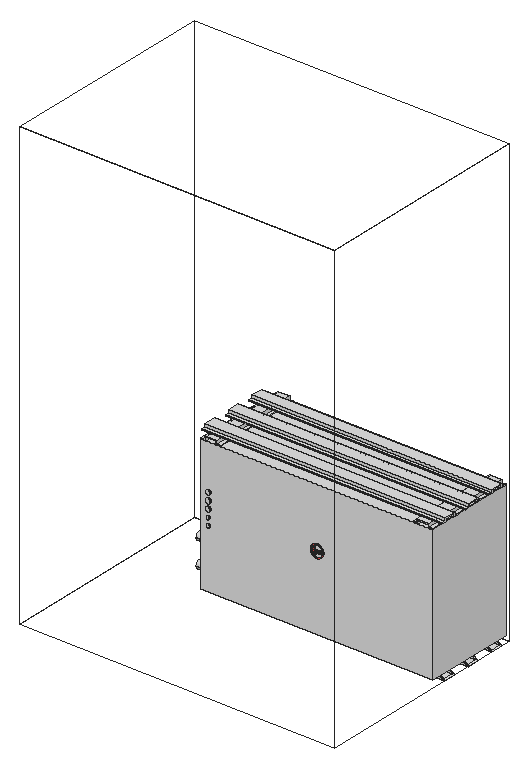
Revit family "HeatPump_WaterToWater_Rheem_32kW_LowGWP", category Mechanical Equipment, Revit 2021
Family settings
  Round Connector Dimension = Use Diameter
  Classification = None
  Part Type = Normal
  OmniClass Number = 23.33.17.00
  OmniClass Title = Heat Pumps
  Work Plane-Based = No
  Always vertical = Yes
  Cut with Voids When Loaded = No
  Shared = No
  Room Calculation Point = No
Parameters (values of type "95503200")
  Voltage = 230 V
  Uniclass2015Version = "v1.33"
  Uniclass2015Title = "Water to water heat pumps"
  Uniclass2015Code = "Pr_70_60_37_98"
  URL = "https://www.rheem.com.au/rheem/"
  Type Comments = "HeatPump - WaterToWater - 32kW - LowGWP"
  RequiredSpace [instance] = yes
  PowerFactor = 1
  ModifiedIssue = 20240801
  Model = "95503200"
  ManufacturerURLProductSpecific = "https://www.rheem.com.au/rheem/products/Commercial/Commercial-Heat-Pumps/Rheem-Commercial-Water-To-Water-Heat-Pumps/YF-Series-Water-to-Water-%28W2W%29-32kW-Commercial-Heat-Pump/p/95503200"
  ManufacturerSpecCode = Model  # "95503200"
  ManufacturerOverallWidth = 1600 mm  # constant formula
  ManufacturerOverallHeight = 972 mm  # constant formula
  ManufacturerOverallDepth = 605 mm  # constant formula
  ManufacturerHeightFromFFL [instance] = 0 mm
  Manufacturer = "Rheem"  # constant formula
  IfcExportType = "USERDEFINED"
  IfcExportAs = "IfcPump"
  Description = "Rheem’s YF Series Commercial heat pump uses 1234yf refrigerant which has an ultra-low Global Warming Potential (GWP) of <1. Delivering hot water up to 65°C and designed to operate in condenser loop systems with a shell and tube heat exchanger to resist fouling whilst producing a Coefficient of Performance (COP) of up to 7 in condenser loops operating at 35°C. All models are designed to be stacked to save space and available with double wall brazed plate stainless steel heat exchangers or  vented copper tube in tube heat exchangers better suited to challenging water chemistries."
  Default Elevation = 0 mm
  CreatedByURL = "https://igsgroup.com.au"
  CreatedBy = "IGS BIM Solutions"  # constant formula
  BodyMaterial = Aluminium_PowderCoat_Rheem_White
  Assembly Code = "D3020"
  ApparentLoad = 32 VA
Reference planes
  plane 1 "Center (Front/Back)": y = -50
  plane 2 "Ref. Level": z = 0
  plane 3 "Center (Left/Right)": x = -265
  plane 4 "Back": y = 252.5
  plane 5 "Front": y = -352.5
  plane 6 "BodyRight": x = 509
  plane 7 "BodyLeft": x = -1038
  plane 8 "TopFrame": z = 972
  plane 9 "PlinthTop": z = 25
  plane 10 "BodyTop": z = 924
  plane 11 "RequiredSpaceLeft": x = -1565
  plane 12 "RequiredSpaceTop": z = 2972
  plane 13 "RequiredSpaceFront": y = -1202.5
  plane 14 "Left": x = -1065
  plane 15 "Bottom": z = 0
  plane 16 "Right": x = 535
  plane 17 "Top": z = 972
  plane 18 "Center (Elevation)": z = 486
  plane 19 "LogoCentre": z = 524
Forms (mm)
  Extrusion 1, solid, material "Aluminium_PowderCoat_Rheem_White" <- "BodyMaterial"
    sketch origin (0, 0, 476) x (0, -1, 0) y (1, 0, 0)
      loop
        line (-252.5, -1038) -> (352.5, -1038) -> (352.5, 509) -> (-252.5, 509) -> (-252.5, -1038)
    from -451 to 448
  Extrusion 2, solid, material "RequiredSpace", visible <- "RequiredSpace"
    sketch origin (0, 0, 0) x (0, -1, 0) y (-1, 0, 0)
      loop
        line (-252.5, 1565) -> (-252.5, -535) -> (1202.5, -535) -> (1202.5, 1565) -> (-252.5, 1565)
    from 0 to -2972
  Extrusion 3, solid, material "Aluminium_PowderCoat_Rheem_White", detail levels medium+fine
    sketch origin (-1038, 0, 0) x (0, 1, 0) y (0, 0, 1)
      loop
        circle (187.5, 148) r 25
      loop
        circle (187.5, 548) r 25
      loop
        circle (-287.5, 124) r 25
      loop
        circle (-287.5, 294) r 25
    from -64 to 0
  Extrusion 4, solid, material "Aluminium_PowderCoat_Rheem_White"
    sketch origin (-1038, -334, 0) x (0, 1, 0) y (0, 0, 1)
      loop
        circle (255.5, 35) r 10
    from -50 to 0
  Extrusion 5, solid, material "Aluminium_PowderCoat_Rheem_White" <- "BodyMaterial"
    sketch origin (0, -50, 984) x (1, 0, 0) y (0, 0, 1)
      loop
        line (-1038, -60) -> (-1008, -60) -> (-1008, -40) -> (-937.981, -40) -> (-937.981, -60) -> (-907.895, -60) -> (-907.895, -55) -> (-932.895, -55) -> (-932.895, -35) -> (-1013, -35) -> (-1013, -55) -> (-1038, -55) -> (-1038, -60)
      loop
        line (508, -60) -> (508, -55) -> (483, -55) -> (483, -35) -> (402.895, -35) -> (402.895, -55) -> (377.895, -55) -> (377.895, -60) -> (407.981, -60) -> (407.981, -40) -> (478, -40) -> (478, -60) -> (508, -60)
    from -302.5 to 302.5
  Extrusion 6, solid, material "Aluminium_PowderCoat_Rheem_White", detail levels medium+fine
    sketch origin (0, -352.5, 0) x (1, 0, 0) y (0, 0, 1)
      loop
        circle (-987, 572.5) r 15
      loop
        circle (-987, 622.5) r 15
      loop
        circle (-987, 522.5) r 15
      loop
        circle (-987, 472.5) r 10
      loop
        circle (-987, 422.5) r 10
    from 0 to 5
  Extrusion 7, solid, material "Aluminium_PowderCoat_Rheem_White" <- "BodyMaterial"
    sketch origin (-265, -32, 843) x (0, 1, 0) y (0, 0, 1)
      loop
        line (243.5, 106) -> (243.5, 111) -> (218.5, 111) -> (218.5, 129) -> (138.395, 129) -> (138.395, 111) -> (113.395, 111) -> (113.395, 106) -> (143.481, 106) -> (143.481, 124) -> (213.5, 124) -> (213.5, 106) -> (243.5, 106)
      loop
        line (-279.5, 106) -> (-249.5, 106) -> (-249.5, 124) -> (-179.481, 124) -> (-179.481, 106) -> (-149.395, 106) -> (-149.395, 111) -> (-174.395, 111) -> (-174.395, 129) -> (-254.5, 129) -> (-254.5, 111) -> (-279.5, 111) -> (-279.5, 106)
      loop
        line (47.052, 106) -> (47.052, 111) -> (22.052, 111) -> (22.052, 129) -> (-58.052, 129) -> (-58.052, 111) -> (-83.052, 111) -> (-83.052, 106) -> (-52.967, 106) -> (-52.967, 124) -> (17.052, 124) -> (17.052, 106) -> (47.052, 106)
    from -800 to 800
  Extrusion 8, void
    sketch origin (0, -50, 0) x (1, 0, 0) y (0, 0, 1)
      loop
        line (-1065, 25) -> (-1065, 0) -> (-1021.699, 25) -> (-1065, 25)
      loop
        line (535, 25) -> (491.699, 25) -> (535, 0) -> (535, 25)
    from 261.5 to -261.5
  Extrusion 9, solid, material "Aluminium_PowderCoat_Rheem_White" <- "BodyMaterial"
    sketch origin (-265, 0, 0) x (0, 1, 0) y (0, 0, 1)
      loop
        line (-181.395, 20) -> (-181.395, 25) -> (-211.395, 25) -> (-211.395, 5) -> (-281.5, 5) -> (-281.5, 25) -> (-311.5, 25) -> (-311.5, 20) -> (-286.5, 20) -> (-286.5, 0) -> (-206.395, 0) -> (-206.395, 20) -> (-181.395, 20)
      loop
        line (211.5, 20) -> (211.5, 25) -> (181.5, 25) -> (181.5, 5) -> (111.395, 5) -> (111.395, 25) -> (81.395, 25) -> (81.395, 20) -> (106.395, 20) -> (106.395, 0) -> (186.5, 0) -> (186.5, 20) -> (211.5, 20)
      loop
        line (15.052, 20) -> (15.052, 25) -> (-14.948, 25) -> (-14.948, 5) -> (-85.052, 5) -> (-85.052, 25) -> (-115.052, 25) -> (-115.052, 20) -> (-90.052, 20) -> (-90.052, 0) -> (-9.948, 0) -> (-9.948, 20) -> (15.052, 20)
    from -800 to 800
Cuts and joins
  Extrusion 8 cuts Extrusion 9
Lines and regions (mm)
  Masking region 1
    outline origin (0, 0, 1484) x (0, -1, 0) y (1, 0, 0)
      loop
        line (-252.5, -1038) -> (-211.5, -1038) -> (-211.5, -1065) -> (-81.395, -1065) -> (-81.395, -1038) -> (-15.052, -1038) -> (-15.052, -1065) -> (115.052, -1065) -> (115.052, -1038) -> (181.395, -1038) -> (181.395, -1065) -> (311.5, -1065) -> (311.5, -1038) -> (352.5, -1038) -> (352.5, 508) -> (311.5, 508) -> (311.5, 535) -> (181.395, 535) -> (181.395, 508) -> (115.052, 508) -> (115.052, 535) -> (-15.052, 535) -> (-15.052, 508) -> (-81.395, 508) -> (-81.395, 535) -> (-211.5, 535) -> (-211.5, 508) -> (-252.5, 508) -> (-252.5, -1038)
  symbolic lines, style "Required Space", visible <- "RequiredSpace"
    curve 1: line (-1565, 252.5, 900) -> (535, 252.5, 900)
    curve 2: line (-1565, -1202.5, 900) -> (-1565, 252.5, 900)
    curve 3: line (535, -1202.5, 900) -> (-1565, -1202.5, 900)
    curve 4: line (535, 252.5, 900) -> (535, -1202.5, 900)
  symbolic lines, style "Plant Equipment", detail levels medium+fine
    curve 5: line (-1038, 211.5, 924) -> (509, 211.5, 924)
    curve 6: line (509, 81.395, 924) -> (-1038, 81.395, 924)
    curve 7: line (-1038, -181.395, 924) -> (509, -181.395, 924)
    curve 8: line (509, -311.5, 924) -> (-1038, -311.5, 924)
    curve 9: line (-907.895, 252.5, 924) -> (-907.895, 211.5, 924)
    curve 10: line (-907.895, -352.5, 924) -> (-907.895, -311.5, 924)
    curve 11: line (-907.895, -181.395, 924) -> (-907.895, -115.052, 924)
    curve 12: line (377.895, 252.5, 924) -> (377.895, 211.5, 924)
    curve 13: line (377.895, 81.395, 924) -> (377.895, 15.052, 924)
    curve 14: line (377.895, -311.5, 924) -> (377.895, -352.5, 924)
    curve 15: line (-1038, 15.052, 924) -> (509, 15.052, 924)
    curve 16: line (509, -115.052, 924) -> (-1038, -115.052, 924)
    curve 17: line (-907.895, 15.052, 924) -> (-907.895, 81.395, 924)
    curve 18: line (377.895, -115.052, 924) -> (377.895, -181.395, 924)
  model lines, style "Plant Equipment", detail levels medium+fine
    curve 19: line (-938, -352.5, 644) -> (409, -352.5, 644)
    curve 20: line (409, -352.5, 644) -> (409, -352.5, 904)
    curve 21: line (409, -352.5, 904) -> (-938, -352.5, 904)
    curve 22: line (-938, -352.5, 904) -> (-938, -352.5, 644)
    curve 23: line (409, -352.5, 634) -> (-938, -352.5, 634)
    curve 24: line (-938, -352.5, 634) -> (-938, -352.5, 26)
    curve 25: line (-938, -352.5, 26) -> (409, -352.5, 26)
    curve 26: line (409, -352.5, 26) -> (409, -352.5, 634)
Text (mm)
  text "Disclaimer:\nDue to ongoing product development and manufacturing \nevolution, product details are subject to change without \nnotice. Please refer to product technical data sheets on \nthe manufacturers website for the most current product \ninformation. Please allow a +/- 5mm manufacturing \ntolerance for dimensions and set-outs shown in product \nliterature." at (985.527, 159.228, 0), in view "Ref. Level"
Dimensions and locks
  "ManufacturerHeightFromFFL": plane 15 "Bottom" to plane 2 "Ref. Level"
  locked: plane 12 "RequiredSpaceTop" to plane 17 "Top" at 2000
  locked: plane 13 "RequiredSpaceFront" to plane 5 "Front" at 850
  locked: plane 11 "RequiredSpaceLeft" to plane 14 "Left" at 500
  "ManufacturerOverallDepth": plane 5 "Front" to plane 4 "Back"
  equal spacing: plane 5 "Front", plane 1 "Center (Front/Back)", plane 4 "Back"
  "ManufacturerOverallWidth": plane 14 "Left" to plane 16 "Right"
  locked: plane 8 "TopFrame" to plane 10 "BodyTop" at 48
  locked: plane 9 "PlinthTop" to plane 15 "Bottom" at 25
  "ManufacturerOverallHeight": plane 17 "Top" to plane 15 "Bottom"
  equal spacing: plane 17 "Top", plane 18 "Center (Elevation)", plane 15 "Bottom"
  locked: plane 10 "BodyTop" to plane 19 "LogoCentre" at 400
  equal spacing: plane 14 "Left", plane 3 "Center (Left/Right)", plane 16 "Right"
  aligned and locked: level to plane 2 "Ref. Level"
  aligned and locked: plane 9 "PlinthTop" to Extrusion 1
  aligned and locked: Extrusion 1 to plane 10 "BodyTop"
  aligned and locked: Extrusion 2 to plane 12 "RequiredSpaceTop"
  aligned and locked: plane 13 "RequiredSpaceFront" to curve 3
  aligned and locked: plane 13 "RequiredSpaceFront" to Extrusion 2 sketch curve
  aligned and locked: Extrusion 2 to plane 4 "Back"
  aligned and locked: Extrusion 1 to plane 7 "BodyLeft"
  aligned and locked: Extrusion 5 to plane 5 "Front"
  aligned and locked: Extrusion 1 to plane 4 "Back"
  aligned and locked: plane 5 "Front" to Extrusion 1
  aligned and locked: Extrusion 5 to plane 4 "Back"
  aligned and locked: Extrusion 2 to plane 16 "Right"
  aligned and locked: curve 4 to Extrusion 2
  aligned and locked: plane 15 "Bottom" to Extrusion 2
  aligned and locked: plane 19 "LogoCentre" to nested 1
  aligned and locked: plane 3 "Center (Left/Right)" to nested 1
  aligned and locked: plane 14 "Left" to Extrusion 7
  aligned and locked: Extrusion 2 to Extrusion 7
  aligned and locked: plane 8 "TopFrame" to plane 17 "Top"
  aligned and locked: plane 15 "Bottom" to Extrusion 9 sketch curve  (x3)
  aligned and locked: plane 9 "PlinthTop" to Extrusion 8 sketch curve
  aligned and locked: plane 15 "Bottom" to Extrusion 8 sketch curve  (x2)
  aligned and locked: Extrusion 8 sketch curve to plane 9 "PlinthTop"
Automatic sketch dimensions
  plane 4 "Back" to Extrusion 1 sketch curve = 0 mm
  Extrusion 1 sketch curve to plane 5 "Front" = 0 mm
  Extrusion 1 sketch curve to plane 7 "BodyLeft" = 0 mm
  Extrusion 1 sketch curve to plane 6 "BodyRight" = 0 mm
  plane 4 "Back" to Extrusion 2 sketch curve = 0 mm
  Extrusion 2 sketch curve to plane 11 "RequiredSpaceLeft" = 0 mm
  Extrusion 2 sketch curve to plane 16 "Right" = 0 mm
  plane 4 "Back" to curve 1 = 0 mm
  curve 3 to plane 11 "RequiredSpaceLeft" = 0 mm
  Extrusion 3 sketch curve to plane 5 "Front" = 65 mm  (x2)
  Extrusion 3 sketch curve to plane 19 "LogoCentre" = 24 mm
  plane 4 "Back" to Extrusion 3 sketch curve = 65 mm  (x2)
  plane 18 "Center (Elevation)" to Extrusion 3 sketch curve = 192 mm
  Extrusion 3 sketch curve to plane 9 "PlinthTop" = 123 mm
  Extrusion 3 sketch curve to plane 9 "PlinthTop" = 99 mm
  Extrusion 4 sketch curve to plane 9 "PlinthTop" = 10 mm
  plane 1 "Center (Front/Back)" to Extrusion 4 sketch curve = 28.5 mm
  Extrusion 5 sketch curve to plane 7 "BodyLeft" = 0 mm
  Extrusion 5 sketch curve to plane 10 "BodyTop" = 0 mm  (x4)
  plane 7 "BodyLeft" to Extrusion 5 sketch curve = 25 mm
  Extrusion 5 sketch curve to Extrusion 5 sketch curve = 5 mm  (x5)
  Extrusion 5 sketch curve to plane 10 "BodyTop" = 20 mm
  Extrusion 5 sketch curve to Extrusion 5 sketch curve = 70.019 mm
  Extrusion 5 sketch curve to Extrusion 5 sketch curve = 5.086 mm  (x2)
  Extrusion 5 sketch curve to Extrusion 5 sketch curve = 25 mm  (x2)
  Extrusion 5 sketch curve to plane 10 "BodyTop" = 5 mm  (x3)
  Extrusion 5 sketch curve to plane 6 "BodyRight" = 131.105 mm
  Extrusion 5 sketch curve to plane 6 "BodyRight" = 31 mm
  Extrusion 5 sketch curve to plane 6 "BodyRight" = 1 mm
  Extrusion 5 sketch curve to Extrusion 5 sketch curve = 15 mm
  plane 7 "BodyLeft" to Extrusion 6 sketch curve = 51 mm  (x2)
  plane 19 "LogoCentre" to Extrusion 6 sketch curve = 1.5 mm
  plane 18 "Center (Elevation)" to Extrusion 6 sketch curve = 13.5 mm
  Extrusion 6 sketch curve to Extrusion 6 sketch curve = 0 mm  (x3)
  Extrusion 6 sketch curve to Extrusion 6 sketch curve = 50 mm  (x2)
  Extrusion 6 sketch curve to plane 19 "LogoCentre" = 48.5 mm
  plane 8 "TopFrame" to Extrusion 7 sketch curve = 0 mm  (x3)
  Extrusion 7 sketch curve to plane 5 "Front" = 41 mm
  Extrusion 7 sketch curve to Extrusion 7 sketch curve = 25 mm  (x6)
  Extrusion 7 sketch curve to Extrusion 7 sketch curve = 5 mm  (x9)
  plane 8 "TopFrame" to Extrusion 7 sketch curve = 23 mm  (x5)
  Extrusion 7 sketch curve to Extrusion 7 sketch curve = 70.019 mm  (x2)
  Extrusion 7 sketch curve to Extrusion 7 sketch curve = 5.086 mm  (x3)
  plane 1 "Center (Front/Back)" to Extrusion 7 sketch curve = 65.052 mm
  plane 8 "TopFrame" to Extrusion 7 sketch curve = 5 mm  (x3)
  Extrusion 7 sketch curve to plane 1 "Center (Front/Back)" = 35.052 mm
  plane 8 "TopFrame" to Extrusion 7 sketch curve = 18 mm
  Extrusion 7 sketch curve to Extrusion 7 sketch curve = 66.343 mm
  plane 4 "Back" to Masking region 1 sketch curve = 0 mm
  Masking region 1 sketch curve to plane 7 "BodyLeft" = 0 mm  (x4)
  Masking region 1 sketch curve to plane 14 "Left" = 0 mm  (x3)
  Masking region 1 sketch curve to plane 16 "Right" = 0 mm  (x3)
  plane 5 "Front" to Masking region 1 sketch curve = 0 mm
  Masking region 1 sketch curve to plane 6 "BodyRight" = 1 mm  (x4)
  plane 4 "Back" to Masking region 1 sketch curve = 41 mm  (x2)
  Masking region 1 sketch curve to Masking region 1 sketch curve = 130.105 mm  (x2)
  Masking region 1 sketch curve to plane 1 "Center (Front/Back)" = 65.052 mm  (x2)
  plane 1 "Center (Front/Back)" to Masking region 1 sketch curve = 65.052 mm  (x2)
  Masking region 1 sketch curve to Masking region 1 sketch curve = 66.343 mm  (x2)
  Masking region 1 sketch curve to plane 5 "Front" = 41 mm  (x2)
  curve 9 to plane 4 "Back" = 0 mm
  plane 4 "Back" to curve 12 = 0 mm
  curve 5 to plane 6 "BodyRight" = 0 mm
  curve 5 to plane 7 "BodyLeft" = 0 mm
  curve 15 to plane 6 "BodyRight" = 0 mm
  curve 15 to plane 7 "BodyLeft" = 0 mm
  curve 6 to plane 6 "BodyRight" = 0 mm
  curve 6 to plane 7 "BodyLeft" = 0 mm
  curve 16 to plane 7 "BodyLeft" = 0 mm
  curve 16 to plane 6 "BodyRight" = 0 mm
  curve 7 to plane 7 "BodyLeft" = 0 mm
  curve 7 to plane 6 "BodyRight" = 0 mm
  curve 8 to plane 6 "BodyRight" = 0 mm
  curve 8 to plane 7 "BodyLeft" = 0 mm
  plane 5 "Front" to curve 14 = 0 mm
  curve 10 to plane 5 "Front" = 0 mm
  plane 4 "Back" to curve 9 = 41 mm
  curve 6 to curve 15 = 66.343 mm
  plane 1 "Center (Front/Back)" to curve 7 = 131.395 mm
  curve 10 to plane 5 "Front" = 41 mm
  plane 7 "BodyLeft" to curve 17 = 130.105 mm
  plane 7 "BodyLeft" to curve 9 = 130.105 mm
  plane 7 "BodyLeft" to curve 10 = 130.105 mm
  curve 14 to plane 6 "BodyRight" = 131.105 mm
  curve 12 to plane 6 "BodyRight" = 131.105 mm
  curve 13 to curve 12 = 0 mm
  curve 17 to plane 1 "Center (Front/Back)" = 65.052 mm
  plane 1 "Center (Front/Back)" to curve 18 = 65.052 mm
  curve 18 to curve 13 = 0 mm
  curve 11 to curve 17 = 0 mm
  plane 7 "BodyLeft" to curve 22 = 100 mm
  plane 10 "BodyTop" to curve 21 = 20 mm
  curve 21 to plane 6 "BodyRight" = 100 mm
  curve 19 to plane 19 "LogoCentre" = 120 mm
  curve 24 to plane 9 "PlinthTop" = 1 mm
  plane 7 "BodyLeft" to curve 24 = 100 mm
  curve 19 to curve 23 = 0 mm
  curve 23 to curve 19 = 10 mm
  plane 9 "PlinthTop" to Extrusion 9 sketch curve = 0 mm  (x6)
  plane 9 "PlinthTop" to Extrusion 9 sketch curve = 5 mm  (x4)
  Extrusion 9 sketch curve to plane 5 "Front" = 66 mm
  Extrusion 9 sketch curve to Extrusion 9 sketch curve = 5 mm  (x8)
  Extrusion 9 sketch curve to plane 15 "Bottom" = 5 mm  (x3)
  Extrusion 9 sketch curve to Extrusion 9 sketch curve = 70.105 mm  (x2)
  Extrusion 9 sketch curve to Extrusion 9 sketch curve = 25 mm  (x6)
  plane 1 "Center (Front/Back)" to Extrusion 9 sketch curve = 65.052 mm
  Extrusion 9 sketch curve to plane 1 "Center (Front/Back)" = 35.052 mm
  Extrusion 9 sketch curve to Extrusion 9 sketch curve = 66.343 mm
  plane 14 "Left" to Extrusion 8 sketch curve = 0 mm
  Extrusion 8 sketch curve to plane 16 "Right" = 0 mm
  plane 7 "BodyLeft" to Extrusion 8 sketch curve = 16.301 mm
  Extrusion 8 sketch curve to plane 6 "BodyRight" = 17.301 mm
  radius of Extrusion 3 sketch curve = 25 mm  (x4)
  radius of Extrusion 4 sketch curve = 10 mm
  radius of Extrusion 6 sketch curve = 15 mm  (x3)
  radius of Extrusion 6 sketch curve = 10 mm  (x2)
Nested families
  nested 1: "z_Rheem_Logo" at (-265, -352.5, 524) x (1, 0, 0) z (0, -1, 0), type "Type 1"
Connectors
  piping at (-1102, 187.5, 148), diameter 41
    settings: on Extrusion 3, index 1, connector inside diameter 609.6 mm, connector length 0 mm, flow factor 0, pipe flow 0.0 L/s, pressure drop 0.0 Pa, fitting loss kfactor 0, connector angle 0.00°, fixture units 0, engagement length 0 mm, angle of deflection 0.00°, flow configuration 1, flow direction 2, fitting loss method 0, system type 20, joint type 0, gender type 0, connector reference index -1, connector utility 0, adjustable connector no, is connector primary no, connector description "Cold Water Supply"
  piping at (-1088, -78.5, 35), diameter 20
    settings: on Extrusion 4, index 2, connector inside diameter 609.6 mm, connector length 0 mm, flow factor 0, pipe flow 0.0 L/s, pressure drop 0.0 Pa, fitting loss kfactor 0, connector angle 0.00°, fixture units 0, engagement length 0 mm, angle of deflection 0.00°, flow configuration 1, flow direction 2, fitting loss method 0, system type 16, joint type 0, gender type 0, connector reference index -1, connector utility 0, adjustable connector no, is connector primary no, connector description ""
  piping at (-1102, 187.5, 548), diameter 41
    settings: on Extrusion 3, index 3, connector inside diameter 609.6 mm, connector length 0 mm, flow factor 0, pipe flow 0.0 L/s, pressure drop 0.0 Pa, fitting loss kfactor 0, connector angle 0.00°, fixture units 0, engagement length 0 mm, angle of deflection 0.00°, flow configuration 1, flow direction 1, fitting loss method 0, system type 20, joint type 0, gender type 0, connector reference index -1, connector utility 0, adjustable connector no, is connector primary yes, connector description "Cold Water Supply"
  piping at (-1102, -287.5, 294), diameter 41
    settings: on Extrusion 3, index 12, connector inside diameter 609.6 mm, connector length 0 mm, flow factor 0, pipe flow 0.0 L/s, pressure drop 0.0 Pa, fitting loss kfactor 0, connector angle 0.00°, fixture units 0, engagement length 0 mm, angle of deflection 0.00°, flow configuration 1, flow direction 2, fitting loss method 0, system type 19, joint type 0, gender type 0, connector reference index -1, connector utility 0, adjustable connector no, is connector primary no, connector description "Hot Water Supply"
  piping at (-1102, -287.5, 124), diameter 41
    settings: on Extrusion 3, index 13, connector inside diameter 609.6 mm, connector length 0 mm, flow factor 0, pipe flow 0.0 L/s, pressure drop 0.0 Pa, fitting loss kfactor 0, connector angle 0.00°, fixture units 0, engagement length 0 mm, angle of deflection 0.00°, flow configuration 1, flow direction 1, fitting loss method 0, system type 19, joint type 0, gender type 0, connector reference index -1, connector utility 0, adjustable connector no, is connector primary no, connector description "Hot Water Supply"
  electrical at (-987, -357.5, 422.5), driven by "Voltage", driven by "ApparentLoad", driven by "PowerFactor"
    settings: on Extrusion 6, index 14, voltage 230 V, apparent load 32 VA, apparent load phase1 0 VA, apparent load phase2 0 VA, apparent load phase3 0 VA, power factor 1, load classification "Other", number of poles 1, system type 30, power factor state 1, is connector primary yes, connector utility no, sub classification motor no, connector description ""
  electrical at (-987, -357.5, 472.5), driven by "Voltage", driven by "ApparentLoad", driven by "PowerFactor"
    settings: on Extrusion 6, index 15, voltage 230 V, apparent load 32 VA, apparent load phase1 0 VA, apparent load phase2 0 VA, apparent load phase3 0 VA, power factor 1, load classification "Other", number of poles 1, system type 30, power factor state 1, is connector primary no, connector utility no, sub classification motor no, connector description ""
  electrical at (-987, -357.5, 522.5), driven by "Voltage", driven by "ApparentLoad", driven by "PowerFactor"
    settings: on Extrusion 6, index 16, voltage 230 V, apparent load 32 VA, apparent load phase1 0 VA, apparent load phase2 0 VA, apparent load phase3 0 VA, power factor 1, load classification "Other", number of poles 1, system type 30, power factor state 1, is connector primary no, connector utility no, sub classification motor no, connector description ""
  electrical at (-987, -357.5, 572.5), driven by "Voltage", driven by "ApparentLoad", driven by "PowerFactor"
    settings: on Extrusion 6, index 17, voltage 230 V, apparent load 32 VA, apparent load phase1 0 VA, apparent load phase2 0 VA, apparent load phase3 0 VA, power factor 1, load classification "Other", number of poles 1, system type 30, power factor state 1, is connector primary no, connector utility no, sub classification motor no, connector description ""
  electrical at (-987, -357.5, 622.5), driven by "Voltage", driven by "ApparentLoad", driven by "PowerFactor"
    settings: on Extrusion 6, index 18, voltage 230 V, apparent load 32 VA, apparent load phase1 0 VA, apparent load phase2 0 VA, apparent load phase3 0 VA, power factor 1, load classification "Other", number of poles 1, system type 30, power factor state 1, is connector primary no, connector utility no, sub classification motor no, connector description ""
Definition of nested family "z_Rheem_Logo"
  Parameters (values of type "Type 1")
    Uniclass2015Version = ""
    Uniclass2015Title = ""
    Uniclass2015Code = ""
    ModifiedIssue = 0
    Material = none
    ManufacturerURLProductSpecific = ""
    ManufacturerSpecCode = ""
    ManufacturerOverallWidth = 86 mm
    ManufacturerOverallLength = 86 mm
    ManufacturerOverallHeight = 1 mm
    ManufacturerHeightFromFFL = 0 mm
    IfcExportType = ""
    IfcExportAs = ""
    Default Elevation = 1219.2 mm
    CreatedByURL = "https://igsgroup.com.au"
    CreatedBy = "IGS BIM Solutions"  # constant formula
  Reference planes
    plane 1 "Center (Front/Back)": y = 0
    plane 2: z = 0
    plane 3 "Center (Left/Right)": x = 0
    plane 4 "Left": x = -43
    plane 5 "Right": x = 43
    plane 6 "Back": y = 43
    plane 7 "Front": y = -43
    plane 8 "Bottom": z = 0
    plane 9 "Center (Elevation)": z = 0.5
    plane 10 "Top": z = 1
  Forms (mm)
    Extrusion 1, solid
      sketch origin (0, 0, 0) x (1, 0, 0) y (0, 1, 0)
        loop
          line (-1219.2, 1219.2) -> (-1219.2, -1219.2) -> (1219.2, -1219.2) -> (1219.2, 1219.2) -> (-1219.2, 1219.2)
      from 0 to -304.8
    Extrusion 2, solid, material <- "Material", detail levels medium+fine
      sketch origin (0, 0, 0) x (-1, 0, 0) y (0, -1, 0)
        loop
          circle (0, 0) r 43
        loop
          arc (33.529, 21.813) -> (-38.36, 11.338) -> (16.283, -36.536) r 40
          line (16.283, -36.536) -> (16.283, -5.397)
          arc (16.283, -5.397) -> (14.75, -6.901) -> (12.662, -7.405) r 4.033
          arc (12.662, -7.405) -> (9.852, -6.403) -> (8.561, -3.712) r 3.918
          line (8.561, -3.712) -> (8.561, 8.033) -> (11.525, 8.033) -> (11.525, -1.806)
          arc (11.525, -1.806) -> (12.858, -4.057) -> (15.428, -3.572) r 2.279
          arc (15.428, -3.572) -> (15.988, -2.759) -> (16.246, -1.806) r 2.925
          line (16.246, -1.806) -> (16.246, 8.079) -> (19.645, 8.079) -> (19.645, -34.843)
          arc (19.645, -34.843) -> (26.644, -29.834) -> (32.41, -23.444) r 40
          arc (32.41, -23.444) -> (21.103, -13.87) -> (28.782, -1.2) r 11.411
          line (28.782, -1.2) -> (7.321, 24.919) -> (11.462, 24.919) -> (31.83, 0.131) -> (31.83, 21.813) -> (33.529, 21.813)
        loop
          line (35.017, 19.335) -> (35.017, -19.335)
          arc (35.017, -19.335) -> (40, 0) -> (35.017, 19.335) r 40
        loop
          line (-19.37, 8.097) -> (-22.563, 8.097) -> (-22.563, -2.258)
          spline (-22.563, -2.258) -> (-22.878, -3.103) -> (-23.24, -3.526) -> (-23.639, -3.818) -> (-24.082, -3.997) -> (-24.556, -4.074) -> (-25.034, -4.068) -> (-25.491, -3.983) -> (-25.903, -3.817) -> (-26.238, -3.56) -> (-26.492, -3.191) -> (-26.717, -2.639) -> (-26.9, -1.6)
          line (-26.9, -1.6) -> (-26.9, 8.097) -> (-29.854, 8.097) -> (-29.854, -2.258)
          spline (-29.854, -2.258) -> (-30.181, -3.064) -> (-30.553, -3.474) -> (-30.969, -3.74) -> (-31.419, -3.936) -> (-31.889, -4.059) -> (-32.364, -4.078) -> (-32.821, -3.995) -> (-33.233, -3.826) -> (-33.568, -3.567) -> (-33.822, -3.195) -> (-34.048, -2.639) -> (-34.231, -1.594)
          line (-34.231, -1.594) -> (-34.231, 8.097) -> (-37.174, 8.097) -> (-37.174, -3.718)
          spline (-37.174, -3.718) -> (-36.65, -5.383) -> (-35.957, -6.159) -> (-35.415, -6.563) -> (-34.941, -6.826) -> (-34.394, -7.032) -> (-33.695, -7.17) -> (-32.91, -7.2) -> (-32.152, -7.119) -> (-31.53, -6.952) -> (-31.006, -6.67) -> (-30.429, -6.179) -> (-29.566, -5.166)
          spline (-29.566, -5.166) -> (-28.777, -6.078) -> (-28.276, -6.494) -> (-27.782, -6.788) -> (-27.231, -7.014) -> (-26.621, -7.177) -> (-26.085, -7.261) -> (-25.622, -7.26) -> (-25.015, -7.185) -> (-24.376, -7.012) -> (-23.849, -6.722) -> (-23.308, -6.304) -> (-22.552, -5.275)
          line (-22.552, -5.275) -> (-22.552, -6.926) -> (-19.37, -6.926) -> (-19.37, 8.097)
        loop
          line (4.051, -1.414) -> (-2.029, -1.414)
          spline (-2.029, -1.414) -> (-1.473, -2.786) -> (-1.087, -3.377) -> (-0.673, -3.834) -> (-0.205, -4.224) -> (0.271, -4.485) -> (0.868, -4.588) -> (1.527, -4.548) -> (2.06, -4.356) -> (2.438, -4.033) -> (2.865, -3.608) -> (3.384, -2.906) -> (4.051, -1.414)
        loop
          line (4.095, 1.507) -> (-5.029, 1.507)
          spline (-5.029, 1.507) -> (-4.769, -1.886) -> (-4.1, -3.692) -> (-3.083, -5.302) -> (-1.664, -6.502) -> (0.127, -7.316) -> (1.72, -7.317) -> (3.497, -6.614) -> (4.898, -5.44) -> (6.016, -3.817) -> (6.693, -1.944) -> (6.954, -0.058) -> (6.657, 3.194)
          spline (6.657, 3.194) -> (5.711, 5.424) -> (4.777, 6.63) -> (3.808, 7.465) -> (2.878, 7.994) -> (1.873, 8.306) -> (0.773, 8.411) -> (-0.288, 8.278) -> (-1.264, 7.907) -> (-2.23, 7.346) -> (-3.148, 6.594) -> (-4.02, 5.578) -> (-4.876, 3.596)
          line (-4.876, 3.596) -> (-1.705, 3.596)
          spline (-1.705, 3.596) -> (-0.883, 4.78) -> (-0.307, 5.189) -> (0.248, 5.429) -> (0.802, 5.54) -> (1.305, 5.525) -> (1.909, 5.294) -> (2.514, 4.923) -> (2.921, 4.547) -> (3.253, 4.098) -> (3.591, 3.486) -> (3.885, 2.641) -> (4.095, 1.507)
        loop
          line (-8.984, -1.152) -> (-15.064, -1.152)
          spline (-15.064, -1.152) -> (-14.509, -2.524) -> (-14.123, -3.116) -> (-13.708, -3.573) -> (-13.241, -3.962) -> (-12.764, -4.224) -> (-12.168, -4.327) -> (-11.508, -4.287) -> (-10.975, -4.095) -> (-10.598, -3.771) -> (-10.171, -3.347) -> (-9.652, -2.645) -> (-8.984, -1.152)
        loop
          line (-8.973, 1.54) -> (-18.097, 1.54)
          spline (-18.097, 1.54) -> (-17.837, -1.853) -> (-17.168, -3.659) -> (-16.151, -5.269) -> (-14.732, -6.469) -> (-12.941, -7.283) -> (-11.348, -7.285) -> (-9.571, -6.581) -> (-8.17, -5.407) -> (-7.052, -3.785) -> (-6.375, -1.911) -> (-6.114, -0.026) -> (-6.412, 3.226)
          spline (-6.412, 3.226) -> (-7.357, 5.456) -> (-8.291, 6.663) -> (-9.26, 7.498) -> (-10.191, 8.027) -> (-11.195, 8.339) -> (-12.295, 8.444) -> (-13.356, 8.311) -> (-14.332, 7.939) -> (-15.298, 7.379) -> (-16.217, 6.626) -> (-17.088, 5.61) -> (-17.944, 3.629)
          line (-17.944, 3.629) -> (-14.773, 3.629)
          spline (-14.773, 3.629) -> (-13.951, 4.813) -> (-13.375, 5.222) -> (-12.82, 5.462) -> (-12.266, 5.573) -> (-11.763, 5.557) -> (-11.159, 5.326) -> (-10.555, 4.955) -> (-10.147, 4.58) -> (-9.816, 4.131) -> (-9.477, 3.519) -> (-9.183, 2.673) -> (-8.973, 1.54)
        loop
          arc (31.817, -3.841) -> (24.154, -12.033) -> (31.817, -20.226) r 8.211
          line (31.817, -20.226) -> (31.817, -3.841)
      from 0 to 1
  Lines and regions (mm)
    Masking region 1
      outline origin (0, 0, 0) x (-1, 0, 0) y (0, -1, 0)
        loop
          circle (0, 0) r 43
        loop
          arc (33.529, 21.813) -> (-38.36, 11.338) -> (16.283, -36.536) r 40
          line (16.283, -36.536) -> (16.283, -5.397)
          arc (16.283, -5.397) -> (14.75, -6.901) -> (12.662, -7.405) r 4.033
          arc (12.662, -7.405) -> (9.852, -6.403) -> (8.561, -3.712) r 3.918
          line (8.561, -3.712) -> (8.561, 8.033) -> (11.525, 8.033) -> (11.525, -1.806)
          arc (11.525, -1.806) -> (12.858, -4.057) -> (15.428, -3.572) r 2.279
          arc (15.428, -3.572) -> (15.988, -2.759) -> (16.246, -1.806) r 2.925
          line (16.246, -1.806) -> (16.246, 8.079) -> (19.645, 8.079) -> (19.645, -34.843)
          arc (19.645, -34.843) -> (26.644, -29.834) -> (32.41, -23.444) r 40
          arc (32.41, -23.444) -> (21.103, -13.87) -> (28.782, -1.2) r 11.411
          line (28.782, -1.2) -> (7.321, 24.919) -> (11.462, 24.919) -> (31.83, 0.131) -> (31.83, 21.813) -> (33.529, 21.813)
        loop
          line (35.017, 19.335) -> (35.017, -19.335)
          arc (35.017, -19.335) -> (40, 0) -> (35.017, 19.335) r 40
        loop
          line (-19.37, 8.097) -> (-22.563, 8.097) -> (-22.563, -2.258)
          spline (-22.563, -2.258) -> (-22.878, -3.103) -> (-23.24, -3.526) -> (-23.639, -3.818) -> (-24.082, -3.997) -> (-24.556, -4.074) -> (-25.034, -4.068) -> (-25.491, -3.983) -> (-25.903, -3.817) -> (-26.238, -3.56) -> (-26.492, -3.191) -> (-26.717, -2.639) -> (-26.9, -1.6)
          line (-26.9, -1.6) -> (-26.9, 8.097) -> (-29.854, 8.097) -> (-29.854, -2.258)
          spline (-29.854, -2.258) -> (-30.181, -3.064) -> (-30.553, -3.474) -> (-30.969, -3.74) -> (-31.419, -3.936) -> (-31.889, -4.059) -> (-32.364, -4.078) -> (-32.821, -3.995) -> (-33.233, -3.826) -> (-33.568, -3.567) -> (-33.822, -3.195) -> (-34.048, -2.639) -> (-34.231, -1.594)
          line (-34.231, -1.594) -> (-34.231, 8.097) -> (-37.174, 8.097) -> (-37.174, -3.718)
          spline (-37.174, -3.718) -> (-36.65, -5.383) -> (-35.957, -6.159) -> (-35.415, -6.563) -> (-34.941, -6.826) -> (-34.394, -7.032) -> (-33.695, -7.17) -> (-32.91, -7.2) -> (-32.152, -7.119) -> (-31.53, -6.952) -> (-31.006, -6.67) -> (-30.429, -6.179) -> (-29.566, -5.166)
          spline (-29.566, -5.166) -> (-28.777, -6.078) -> (-28.276, -6.494) -> (-27.782, -6.788) -> (-27.231, -7.014) -> (-26.621, -7.177) -> (-26.085, -7.261) -> (-25.622, -7.26) -> (-25.015, -7.185) -> (-24.376, -7.012) -> (-23.849, -6.722) -> (-23.308, -6.304) -> (-22.552, -5.275)
          line (-22.552, -5.275) -> (-22.552, -6.926) -> (-19.37, -6.926) -> (-19.37, 8.097)
        loop
          line (4.051, -1.414) -> (-2.029, -1.414)
          spline (-2.029, -1.414) -> (-1.473, -2.786) -> (-1.087, -3.377) -> (-0.673, -3.834) -> (-0.205, -4.224) -> (0.271, -4.485) -> (0.868, -4.588) -> (1.527, -4.548) -> (2.06, -4.356) -> (2.438, -4.033) -> (2.865, -3.608) -> (3.384, -2.906) -> (4.051, -1.414)
        loop
          line (4.095, 1.507) -> (-5.029, 1.507)
          spline (-5.029, 1.507) -> (-4.769, -1.886) -> (-4.1, -3.692) -> (-3.083, -5.302) -> (-1.664, -6.502) -> (0.127, -7.316) -> (1.72, -7.317) -> (3.497, -6.614) -> (4.898, -5.44) -> (6.016, -3.817) -> (6.693, -1.944) -> (6.954, -0.058) -> (6.657, 3.194)
          spline (6.657, 3.194) -> (5.711, 5.424) -> (4.777, 6.63) -> (3.808, 7.465) -> (2.878, 7.994) -> (1.873, 8.306) -> (0.773, 8.411) -> (-0.288, 8.278) -> (-1.264, 7.907) -> (-2.23, 7.346) -> (-3.148, 6.594) -> (-4.02, 5.578) -> (-4.876, 3.596)
          line (-4.876, 3.596) -> (-1.705, 3.596)
          spline (-1.705, 3.596) -> (-0.883, 4.78) -> (-0.307, 5.189) -> (0.248, 5.429) -> (0.802, 5.54) -> (1.305, 5.525) -> (1.909, 5.294) -> (2.514, 4.923) -> (2.921, 4.547) -> (3.253, 4.098) -> (3.591, 3.486) -> (3.885, 2.641) -> (4.095, 1.507)
        loop
          line (-8.984, -1.152) -> (-15.064, -1.152)
          spline (-15.064, -1.152) -> (-14.509, -2.524) -> (-14.123, -3.116) -> (-13.708, -3.573) -> (-13.241, -3.962) -> (-12.764, -4.224) -> (-12.168, -4.327) -> (-11.508, -4.287) -> (-10.975, -4.095) -> (-10.598, -3.771) -> (-10.171, -3.347) -> (-9.652, -2.645) -> (-8.984, -1.152)
        loop
          line (-8.973, 1.54) -> (-18.097, 1.54)
          spline (-18.097, 1.54) -> (-17.837, -1.853) -> (-17.168, -3.659) -> (-16.151, -5.269) -> (-14.732, -6.469) -> (-12.941, -7.283) -> (-11.348, -7.285) -> (-9.571, -6.581) -> (-8.17, -5.407) -> (-7.052, -3.785) -> (-6.375, -1.911) -> (-6.114, -0.026) -> (-6.412, 3.226)
          spline (-6.412, 3.226) -> (-7.357, 5.456) -> (-8.291, 6.663) -> (-9.26, 7.498) -> (-10.191, 8.027) -> (-11.195, 8.339) -> (-12.295, 8.444) -> (-13.356, 8.311) -> (-14.332, 7.939) -> (-15.298, 7.379) -> (-16.217, 6.626) -> (-17.088, 5.61) -> (-17.944, 3.629)
          line (-17.944, 3.629) -> (-14.773, 3.629)
          spline (-14.773, 3.629) -> (-13.951, 4.813) -> (-13.375, 5.222) -> (-12.82, 5.462) -> (-12.266, 5.573) -> (-11.763, 5.557) -> (-11.159, 5.326) -> (-10.555, 4.955) -> (-10.147, 4.58) -> (-9.816, 4.131) -> (-9.477, 3.519) -> (-9.183, 2.673) -> (-8.973, 1.54)
        loop
          arc (31.817, -3.841) -> (24.154, -12.033) -> (31.817, -20.226) r 8.211
          line (31.817, -20.226) -> (31.817, -3.841)
  Dimensions and locks
    "ManufacturerOverallHeight": plane 10 "Top" to plane 8 "Bottom"
    equal spacing: plane 10 "Top", plane 9 "Center (Elevation)", plane 8 "Bottom"
    "ManufacturerHeightFromFFL": plane 8 "Bottom" to plane 2
    "ManufacturerOverallLength": plane 4 "Left" to plane 5 "Right"
    equal spacing: plane 4 "Left", plane 3 "Center (Left/Right)", plane 5 "Right"
    "ManufacturerOverallWidth": plane 7 "Front" to plane 6 "Back"
    equal spacing: plane 7 "Front", plane 1 "Center (Front/Back)", plane 6 "Back"
    aligned and locked: plane 2 to Extrusion 1
    aligned and locked: level to Extrusion 1
    aligned and locked: plane 10 "Top" to Extrusion 2
  Automatic sketch dimensions
    Extrusion 1 sketch curve to Extrusion 1 sketch curve = 2438.4 mm  (x2)
    plane 1 "Center (Front/Back)" to Extrusion 2 sketch curve = 0 mm
    Extrusion 2 sketch curve to plane 3 "Center (Left/Right)" = 0 mm
    Extrusion 2 sketch curve to Extrusion 2 sketch curve = 0 mm  (x9)
    plane 3 "Center (Left/Right)" to Extrusion 2 sketch curve = 1.705 mm
    plane 3 "Center (Left/Right)" to Extrusion 2 sketch curve = 2.029 mm
    Extrusion 2 sketch curve to Extrusion 2 sketch curve = 3.171 mm  (x2)
    plane 1 "Center (Front/Back)" to Extrusion 2 sketch curve = 1.507 mm
    Extrusion 2 sketch curve to Extrusion 2 sketch curve = 0.154 mm  (x2)
    Extrusion 2 sketch curve to Extrusion 2 sketch curve = 1.536 mm
    plane 1 "Center (Front/Back)" to Extrusion 2 sketch curve = 1.54 mm
    Extrusion 2 sketch curve to Extrusion 2 sketch curve = 2.561 mm  (x2)
    Extrusion 2 sketch curve to plane 1 "Center (Front/Back)" = 1.152 mm
    Extrusion 2 sketch curve to Extrusion 2 sketch curve = 0.012 mm
    plane 1 "Center (Front/Back)" to Extrusion 2 sketch curve = 3.629 mm
    Extrusion 2 sketch curve to Extrusion 2 sketch curve = 5.8 mm
    Extrusion 2 sketch curve to Extrusion 2 sketch curve = 0.291 mm
    Extrusion 2 sketch curve to Extrusion 2 sketch curve = 4.306 mm
    Extrusion 2 sketch curve to plane 1 "Center (Front/Back)" = 5.275 mm
    Extrusion 2 sketch curve to Extrusion 2 sketch curve = 3.182 mm
    Extrusion 2 sketch curve to Extrusion 2 sketch curve = 0.011 mm
    Extrusion 2 sketch curve to plane 1 "Center (Front/Back)" = 1.6 mm
    Extrusion 2 sketch curve to Extrusion 2 sketch curve = 4.336 mm
    Extrusion 2 sketch curve to plane 1 "Center (Front/Back)" = 5.166 mm
    Extrusion 2 sketch curve to Extrusion 2 sketch curve = 2.666 mm
    Extrusion 2 sketch curve to plane 1 "Center (Front/Back)" = 2.258 mm  (x2)
    Extrusion 2 sketch curve to Extrusion 2 sketch curve = 0.289 mm
    Extrusion 2 sketch curve to Extrusion 2 sketch curve = 4.377 mm
    Extrusion 2 sketch curve to Extrusion 2 sketch curve = 2.943 mm
    Extrusion 2 sketch curve to plane 1 "Center (Front/Back)" = 1.414 mm
    Extrusion 2 sketch curve to plane 3 "Center (Left/Right)" = 4.051 mm
    Extrusion 2 sketch curve to Extrusion 2 sketch curve = 0.044 mm
    plane 1 "Center (Front/Back)" to Extrusion 2 sketch curve = 3.194 mm
    Extrusion 2 sketch curve to plane 3 "Center (Left/Right)" = 7.321 mm
    Extrusion 2 sketch curve to Extrusion 2 sketch curve = 4.51 mm
    Extrusion 2 sketch curve to Extrusion 2 sketch curve = 4.142 mm
    Extrusion 2 sketch curve to Extrusion 2 sketch curve = 2.964 mm
    Extrusion 2 sketch curve to Extrusion 2 sketch curve = 0.948 mm
    Extrusion 2 sketch curve to Extrusion 2 sketch curve = 0.321 mm
    Extrusion 2 sketch curve to Extrusion 2 sketch curve = 1.809 mm
    Extrusion 2 sketch curve to Extrusion 2 sketch curve = 0.463 mm
    Extrusion 2 sketch curve to Extrusion 2 sketch curve = 4.721 mm
    plane 6 "Back" to Extrusion 2 sketch curve = 6.464 mm
    Extrusion 2 sketch curve to plane 3 "Center (Left/Right)" = 16.283 mm
    Extrusion 2 sketch curve to Extrusion 2 sketch curve = 3.399 mm
    Extrusion 2 sketch curve to plane 1 "Center (Front/Back)" = 1.2 mm
    Extrusion 2 sketch curve to Extrusion 2 sketch curve = 12.536 mm
    plane 4 "Left" to Extrusion 2 sketch curve = 11.183 mm
    plane 4 "Left" to Extrusion 2 sketch curve = 11.17 mm
    Extrusion 2 sketch curve to Extrusion 2 sketch curve = 0.548 mm
    Extrusion 2 sketch curve to Extrusion 2 sketch curve = 1.699 mm
    Extrusion 2 sketch curve to Extrusion 2 sketch curve = 1.488 mm
    Extrusion 2 sketch curve to Extrusion 2 sketch curve = 1.692 mm
    Extrusion 2 sketch curve to Extrusion 2 sketch curve = 14.618 mm
    Extrusion 2 sketch curve to Extrusion 2 sketch curve = 0.891 mm
    Extrusion 2 sketch curve to Extrusion 2 sketch curve = 7.301 mm
    Extrusion 2 sketch curve to Extrusion 2 sketch curve = 1.651 mm
    Extrusion 2 sketch curve to plane 1 "Center (Front/Back)" = 5.397 mm
    Extrusion 2 sketch curve to plane 1 "Center (Front/Back)" = 3.718 mm
    Extrusion 2 sketch curve to plane 1 "Center (Front/Back)" = 3.712 mm
    Extrusion 2 sketch curve to plane 1 "Center (Front/Back)" = 3.491 mm
    Extrusion 2 sketch curve to Extrusion 2 sketch curve = 0.117 mm
    Extrusion 2 sketch curve to Extrusion 2 sketch curve = 1.392 mm
    Extrusion 2 sketch curve to plane 1 "Center (Front/Back)" = 1.806 mm  (x2)
    Extrusion 2 sketch curve to plane 1 "Center (Front/Back)" = 1.594 mm
    Extrusion 2 sketch curve to Extrusion 2 sketch curve = 0.451 mm
    plane 1 "Center (Front/Back)" to Extrusion 2 sketch curve = 0.131 mm
    Extrusion 2 sketch curve to Extrusion 2 sketch curve = 1.719 mm
    Extrusion 2 sketch curve to Extrusion 2 sketch curve = 0.37 mm
    Extrusion 2 sketch curve to Extrusion 2 sketch curve = 4.839 mm
    plane 1 "Center (Front/Back)" to Extrusion 2 sketch curve = 8.079 mm
    plane 1 "Center (Front/Back)" to Extrusion 2 sketch curve = 8.097 mm
    Extrusion 2 sketch curve to Extrusion 2 sketch curve = 4.468 mm
    Extrusion 2 sketch curve to Extrusion 2 sketch curve = 16.886 mm
    Masking region 1 sketch curve to Masking region 1 sketch curve = 0 mm  (x15)
    plane 1 "Center (Front/Back)" to Masking region 1 sketch curve = 0 mm
    Masking region 1 sketch curve to plane 3 "Center (Left/Right)" = 0 mm
    plane 3 "Center (Left/Right)" to Masking region 1 sketch curve = 1.705 mm
    plane 3 "Center (Left/Right)" to Masking region 1 sketch curve = 2.029 mm
    Masking region 1 sketch curve to Masking region 1 sketch curve = 3.171 mm  (x2)
    plane 1 "Center (Front/Back)" to Masking region 1 sketch curve = 1.507 mm
    Masking region 1 sketch curve to Masking region 1 sketch curve = 0.154 mm  (x2)
    Masking region 1 sketch curve to Masking region 1 sketch curve = 1.536 mm
    plane 1 "Center (Front/Back)" to Masking region 1 sketch curve = 1.54 mm
    Masking region 1 sketch curve to Masking region 1 sketch curve = 2.561 mm  (x2)
    Masking region 1 sketch curve to plane 1 "Center (Front/Back)" = 1.152 mm
    Masking region 1 sketch curve to Masking region 1 sketch curve = 0.012 mm
    plane 1 "Center (Front/Back)" to Masking region 1 sketch curve = 3.629 mm
    Masking region 1 sketch curve to Masking region 1 sketch curve = 5.8 mm
    Masking region 1 sketch curve to Masking region 1 sketch curve = 0.291 mm
    Masking region 1 sketch curve to Masking region 1 sketch curve = 4.306 mm
    Masking region 1 sketch curve to plane 1 "Center (Front/Back)" = 5.275 mm
    Masking region 1 sketch curve to Masking region 1 sketch curve = 3.182 mm
    Masking region 1 sketch curve to Masking region 1 sketch curve = 0.011 mm
    Masking region 1 sketch curve to plane 1 "Center (Front/Back)" = 1.6 mm
    Masking region 1 sketch curve to Masking region 1 sketch curve = 4.336 mm
    Masking region 1 sketch curve to plane 1 "Center (Front/Back)" = 5.166 mm
    Masking region 1 sketch curve to Masking region 1 sketch curve = 2.666 mm
    Masking region 1 sketch curve to plane 1 "Center (Front/Back)" = 2.258 mm  (x2)
    Masking region 1 sketch curve to Masking region 1 sketch curve = 0.289 mm
    Masking region 1 sketch curve to Masking region 1 sketch curve = 4.377 mm
    Masking region 1 sketch curve to Masking region 1 sketch curve = 2.943 mm
    Masking region 1 sketch curve to plane 1 "Center (Front/Back)" = 1.414 mm
    Masking region 1 sketch curve to plane 3 "Center (Left/Right)" = 4.051 mm
    Masking region 1 sketch curve to Masking region 1 sketch curve = 0.044 mm
    plane 1 "Center (Front/Back)" to Masking region 1 sketch curve = 3.194 mm
    Masking region 1 sketch curve to plane 3 "Center (Left/Right)" = 7.321 mm
    Masking region 1 sketch curve to Masking region 1 sketch curve = 4.51 mm
    Masking region 1 sketch curve to Masking region 1 sketch curve = 4.142 mm
    Masking region 1 sketch curve to Masking region 1 sketch curve = 2.964 mm
    Masking region 1 sketch curve to Masking region 1 sketch curve = 0.948 mm
    Masking region 1 sketch curve to Masking region 1 sketch curve = 0.321 mm
    Masking region 1 sketch curve to Masking region 1 sketch curve = 1.809 mm
    Masking region 1 sketch curve to Masking region 1 sketch curve = 0.463 mm
    Masking region 1 sketch curve to Masking region 1 sketch curve = 4.721 mm
    plane 6 "Back" to Masking region 1 sketch curve = 6.464 mm
    Masking region 1 sketch curve to plane 3 "Center (Left/Right)" = 16.283 mm
    Masking region 1 sketch curve to Masking region 1 sketch curve = 3.399 mm
    Masking region 1 sketch curve to plane 1 "Center (Front/Back)" = 1.2 mm
    Masking region 1 sketch curve to Masking region 1 sketch curve = 12.536 mm
    plane 4 "Left" to Masking region 1 sketch curve = 11.183 mm
    plane 4 "Left" to Masking region 1 sketch curve = 11.17 mm
    Masking region 1 sketch curve to Masking region 1 sketch curve = 0.548 mm
    Masking region 1 sketch curve to Masking region 1 sketch curve = 1.699 mm
    Masking region 1 sketch curve to Masking region 1 sketch curve = 1.488 mm
    Masking region 1 sketch curve to Masking region 1 sketch curve = 1.692 mm
    Masking region 1 sketch curve to Masking region 1 sketch curve = 14.618 mm
    Masking region 1 sketch curve to Masking region 1 sketch curve = 0.891 mm
    Masking region 1 sketch curve to Masking region 1 sketch curve = 7.301 mm
    Masking region 1 sketch curve to Masking region 1 sketch curve = 1.651 mm
    Masking region 1 sketch curve to plane 1 "Center (Front/Back)" = 5.397 mm
    Masking region 1 sketch curve to plane 1 "Center (Front/Back)" = 3.718 mm
    Masking region 1 sketch curve to plane 1 "Center (Front/Back)" = 3.712 mm
    Masking region 1 sketch curve to plane 1 "Center (Front/Back)" = 3.491 mm
    Masking region 1 sketch curve to Masking region 1 sketch curve = 0.117 mm
    Masking region 1 sketch curve to Masking region 1 sketch curve = 1.392 mm
    Masking region 1 sketch curve to plane 1 "Center (Front/Back)" = 1.806 mm  (x2)
    Masking region 1 sketch curve to plane 1 "Center (Front/Back)" = 1.594 mm
    Masking region 1 sketch curve to Masking region 1 sketch curve = 0.451 mm
    plane 1 "Center (Front/Back)" to Masking region 1 sketch curve = 0.131 mm
    Masking region 1 sketch curve to Masking region 1 sketch curve = 1.719 mm
    Masking region 1 sketch curve to Masking region 1 sketch curve = 0.37 mm
    Masking region 1 sketch curve to Masking region 1 sketch curve = 4.839 mm
    plane 1 "Center (Front/Back)" to Masking region 1 sketch curve = 8.079 mm
    plane 1 "Center (Front/Back)" to Masking region 1 sketch curve = 8.097 mm
    Masking region 1 sketch curve to Masking region 1 sketch curve = 4.468 mm
    Masking region 1 sketch curve to Masking region 1 sketch curve = 16.886 mm
    radius of Extrusion 2 sketch curve = 43 mm
    radius of Masking region 1 sketch curve = 43 mm
